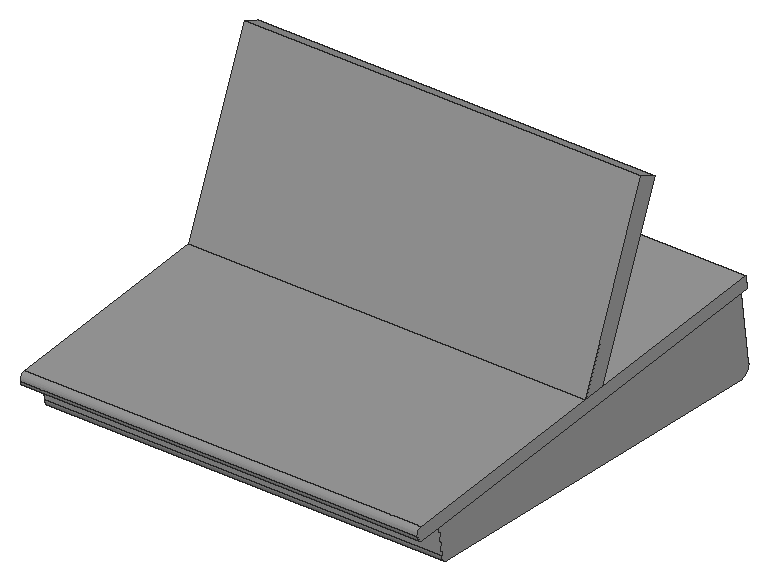
Revit family "Gio @5", category Electrical Equipment, Revit 2018
Family settings
  Panel Configuration = Two Columns, Circuits Across
  Round Connector Dimension = Use Diameter
  Part Type = Panelboard
  OmniClass Number = 23.80.30.11.17
  OmniClass Title = Distribution Boards and Control Panels
  Work Plane-Based = No
  Always vertical = Yes
  Cut with Voids When Loaded = No
  Shared = No
  Room Calculation Point = No
Parameters (values of type "24000 OUTPUTS")
  Wattage = "50/60Hz"
  Voltage = "100-240V"
  URL = "https://www.etcconnect.com/WorkArea/DownloadAsset.aspx?id=10737488092"
  Type Comments = "See product datasheet for dimensions and specifications"
  Model = "Gio @5"
  Material = "Aluminum"
  Manufacturer = "ETC, Inc."
  Fixture Part Number = "4390A1016-US"
  Designer = "Cfellin"
  Design Status = "1"
  Description = "Gio @5 24000 OUTPUT"
  Date Created = "2/18/2021"
  Cost = 0
Types (3): name | Fixture Part Number | Description
  (no name) | "4390A1016-US" | "Gio @5 24000 OUTPUT"
  4000 OUTPUTS | "4390A1014-US" | "Gio @5 4000 OUTPUT"
  24000 OUTPUTS | "4390A1016-US" | "Gio @5 24000 OUTPUT"
Reference planes (in)
  plane 1 "Center (Front/Back)": y = 0
  plane 2: z = 0
  plane 3 "Center (Left/Right)": x = 0
Forms (in)
  Extrusion 1, solid, material "Aluminum"
    sketch origin (0, 0, 0.39063) x (0, 1, 0) y (0, 0, 1)
      loop
        arc (11.2235, 0) -> (11.73293, 0.23216) -> (11.89193, 0.76894) r 0.675
        line (11.89193, 0.76894) -> (11.30581, 4.93945) -> (-12.75006, 2.14981) -> (-12.51144, 0.45193)
        arc (-12.51144, 0.45193) -> (-12.33598, 0.12878) -> (-11.99155, 0) r 0.525
        line (-11.99155, 0) -> (11.2235, 0)
    from -12.625 to 12.625
  Extrusion 2, solid, material "Aluminum"
    sketch origin (-12.625, 0, 0.39063) x (0, -1, 0) y (0, 0, 1)
      loop
        line (-11.80248, 4.99705) -> (12.75006, 2.14981) -> (13.9838, 2.00674)
        arc (13.9838, 2.00674) -> (14.27826, 2.09054) -> (14.42722, 2.358) r 0.4
        arc (14.42722, 2.358) -> (14.34342, 2.65246) -> (14.07596, 2.80142) r 0.4
        line (14.07596, 2.80142) -> (-11.69111, 5.7895) -> (-11.80248, 4.99705)
    from 0 to -25.25
  Extrusion 3, solid, material "Aluminum"
    sketch origin (-12.625, 0, 0.39063) x (0, -1, 0) y (0, 0, 1)
      loop
        line (-0.28374, 4.46664) -> (1.05644, 4.31123) -> (-3.38787, 15.10182) -> (-4.47895, 14.65244) -> (-0.28374, 4.46664)
    from 0 to -25.25
  Extrusion 4, solid, material "Aluminum"
    sketch origin (7.5, 12, 0.39062) x (-1, 0, 0) y (0, 1, 0)
      loop
        circle (17.44219, -3.87419) r 1
      loop
        circle (17.44219, -14.50419) r 1
      loop
        circle (17.44219, -21.75419) r 1
    from 0 to 0.39063
  Extrusion 5, solid, material "Aluminum"
    sketch origin (-7.5, 12, 0.39062) x (-1, 0, 0) y (0, 1, 0)
      loop
        circle (-17.44219, -3.87419) r 1
      loop
        circle (-17.44219, -14.50419) r 1
      loop
        circle (-17.44219, -21.75419) r 1
    from 0 to 0.39063
Lines and regions (in)
  model lines
    curve 1: line (-6.6749, 3.19745, 15.03013) -> (-6.6749, -0.86602, 5.16417)
    curve 2: line (10.0751, 3.19745, 15.03013) -> (-6.6749, 3.19745, 15.03013)
    curve 3: line (10.0751, -0.86602, 5.16417) -> (10.0751, 3.19745, 15.03013)
    curve 4: line (-6.6749, -0.86602, 5.16417) -> (10.0751, -0.86602, 5.16417)
Dimensions and locks (in)
  Extrusion 1 sketch curve to Extrusion 1 sketch curve = 0' - 1.71457"
  Extrusion 1 sketch curve to Extrusion 1 sketch curve = 0' - 4.2115"
  locked: Extrusion 3 sketch curve to Extrusion 3 sketch curve at 1.18
  locked: Extrusion 3 sketch curve to Extrusion 3 sketch curve at 11.67
  Extrusion 1 to Extrusion 4 sketch curve = 0' - 3.18"
  Extrusion 1 sketch curve to Extrusion 1 sketch curve = 2' - 0.21"
  locked: Extrusion 1 to Extrusion 2 sketch curve at 0.49985
  Extrusion 2 sketch curve to Extrusion 1 = 0' - 1.63186"
  angle Extrusion 1 sketch curve to Extrusion 1 sketch curve = 82.00°
  angle Extrusion 1 sketch curve to Extrusion 1 sketch curve = 98.00°
  aligned and locked: level to plane 2
